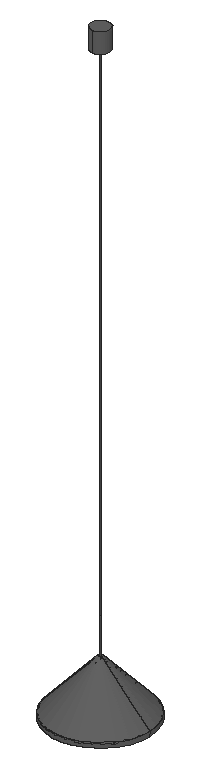
Revit family "Justerbar Lab Pendle_Bole_Triangle", category Lighting Fixtures, Revit 2021
Family settings
  Round Connector Dimension = Use Diameter
  Part Type = Normal
  OmniClass Number = 23.80.70.00
  OmniClass Title = Lighting
  Work Plane-Based = No
  Always vertical = Yes
  Cut with Voids When Loaded = No
  Light Source = Yes
  Shared = No
  Room Calculation Point = No
Parameters
  Wattage = 9.2903 W
  built-in parameter 1150110 = 1 (stored number, unit not read)
  built-in parameter 1114217 = 1 (stored number, unit not read)
  built-in parameter 1150109 = 1 (stored number, unit not read)
  built-in parameter 1150134 = (empty or 0)
  Spredning = "120"
  Pendle Wire = 3360 mm
  Offset from floor [instance] = 1900 mm
  MacAdams = "< 3 SCDM"
  Lyskilde = "LED"
  Lumen = "660lm"
  Levetid = "L70 50.000 timer"
  Level Heigth [instance] = 5000 mm
  Kjøle metode = "Passiv"
  Frekvens Sekundærkilde = "> 1000 Hz"
  Frekvens = "50-60 Hz"
  Floor thickness [instance] = 300 mm
  Fargetemperatur = "2700K, 3000K,eller DW"
  Farger = "Sort"
  Effekt = "6W"
  Driftspenning = "220-240V"
  Distance from floor [instance] = 1463.987 mm
  Dimbar = "Dali eller Triac"
  CRI = ">90"
  Beskyttelsesgrad = "IP20"
  Pendel-lengde [instance] = Level Heigth - Floor thickness - Offset from floor  # 2800 mm
  built-in parameter 1150113 = 1 (stored number, unit not read)
  Lumens = 1380 lm
  built-in parameter 1150115 = 1 (stored number, unit not read)
  built-in parameter 1150105 = 109.82 (stored number, unit not read)
  Light Source Symbol Size = 609.6 mm
  built-in parameter 1150137 = (empty or 0)
  built-in parameter 1150139 = (empty or 0)
  built-in parameter 1150112 = 1 (stored number, unit not read)
  built-in parameter 1150114 = 1 (stored number, unit not read)
  built-in parameter 1150132 = 2
  built-in parameter 1150102 = (empty or 0)
  built-in parameter 1150138 = (empty or 0)
  built-in parameter 1150107 = 3000 (stored number, unit not read)
  built-in parameter 1150106 = 1.0982 (stored number, unit not read)
  built-in parameter 1150104 = 13.8 (stored number, unit not read)
  Dimming Lamp Color Temperature Shift = (empty or 0)
  Default Elevation = 0 mm
  Color Filter = 16777215
  built-in parameter 1114218 = 1 (stored number, unit not read)
  built-in parameter 1150133 = 10 (stored number, unit not read)
Reference planes
  plane 1 "Light Source Axis (F/B)": y = 0
  plane 2: z = 0
  plane 3 "Light Source Axis (L/R)": x = 0
  plane 4 "Light Source Elevation": z = 2019.51
  plane 5 "Tak": z = 4700
  plane 6: z = 4610
  plane 7: z = 4603
  plane 8: z = 0.033
  plane 9: z = 5000
  plane 10: z = 2314.091
  plane 11: z = 2019.51
  plane 12: z = 1900
Forms (mm)
  Extrusion 1, solid, material "Default New Material"
    sketch origin (0, 0, 589.968) x (0, 1, 0) y (-1, 0, 0)
      loop
        circle (0, 0) r 42.5
    from 4020.032 to 4110.032
  Extrusion 2, solid, material "Default New Material"
    sketch origin (0, 0, 589.968) x (0, 1, 0) y (-1, 0, 0)
      loop
        circle (0, 0) r 6
    from 4013.032 to 4020.032
  Extrusion 3, solid, material "Default New Material"
    sketch origin (0, 0, 589.968) x (0, 1, 0) y (-1, 0, 0)
      loop
        circle (0, 0) r 2.031
    from 1724.123 to 4013.032
Dimensions and locks
  Extrusion 1 to Extrusion 1 to Extrusion 2 = 90 mm locked, 7 mm locked
  locked: plane 6 to plane 5 "Tak" at 90
  locked: plane 7 to plane 6 at 7
  "Floor thickness": plane 5 "Tak" to plane 9
  "Level Heigth": level to plane 9
  locked: plane 11 to plane 10 at 294.58
  "Offset from floor": level to plane 12
  locked: plane 12 to plane 11 at 119.51
  aligned and locked: plane 4 "Light Source Elevation" to imposter light
  aligned and locked: level to plane 2
  aligned and locked: plane 5 "Tak" to Extrusion 1
  aligned and locked: Extrusion 1 to plane 6
  aligned and locked: Extrusion 2 to Extrusion 1
  aligned and locked: Extrusion 2 to Extrusion 3
  aligned and locked: plane 7 to Extrusion 3
  aligned and locked: Extrusion 2 to plane 7
  aligned and locked: plane 6 to Extrusion 1
  aligned and locked: Extrusion 3 to plane 10
  aligned and locked: plane 10 to nested 1
  aligned and locked: plane 11 to nested 1
  aligned and locked: plane 4 "Light Source Elevation" to plane 11
  aligned and locked: plane 12 to nested 2
Automatic sketch dimensions
  plane 1 "Light Source Axis (F/B)" to Extrusion 1 sketch curve = 0 mm
  Extrusion 1 sketch curve to plane 3 "Light Source Axis (L/R)" = 0 mm
  plane 1 "Light Source Axis (F/B)" to Extrusion 2 sketch curve = 0 mm
  Extrusion 2 sketch curve to plane 3 "Light Source Axis (L/R)" = 0 mm
  plane 1 "Light Source Axis (F/B)" to Extrusion 3 sketch curve = 0 mm
  Extrusion 3 sketch curve to plane 3 "Light Source Axis (L/R)" = 0 mm
  radius of Extrusion 1 sketch curve = 42.5 mm
  radius of Extrusion 2 sketch curve = 6 mm
  radius of Extrusion 3 sketch curve = 2.031 mm
Nested families
  nested 1: "Bole" at (0, 0, 1975.091), type "Bole"
  nested 2: "Triangle" at (0, 0, 1900), type "Triangle"
Definition of nested family "Bole"
  Parameters
    Wattage = 9.2903 W
    built-in parameter 1150110 = 1 (stored number, unit not read)
    built-in parameter 1114217 = 1 (stored number, unit not read)
    built-in parameter 1150109 = 1 (stored number, unit not read)
    built-in parameter 1150134 = 3
    built-in parameter 1150113 = 1 (stored number, unit not read)
    built-in parameter 1150105 = 109.82 (stored number, unit not read)
    Lumens = 1380 lm
    built-in parameter 1150115 = 1 (stored number, unit not read)
    Light Source Symbol Size = 609.6 mm
    built-in parameter 1150137 = (empty or 0)
    built-in parameter 1150139 = (empty or 0)
    built-in parameter 1150112 = 1 (stored number, unit not read)
    built-in parameter 1150114 = 1 (stored number, unit not read)
    built-in parameter 1150132 = (empty or 0)
    built-in parameter 1150102 = (empty or 0)
    built-in parameter 1150107 = 3200 (stored number, unit not read)
    built-in parameter 1150138 = (empty or 0)
    built-in parameter 1150106 = 1.0982 (stored number, unit not read)
    built-in parameter 1150104 = 13.8 (stored number, unit not read)
    Dimming Lamp Color Temperature Shift = (empty or 0)
    Default Elevation = 0 mm
    Color Filter = 16777215
    built-in parameter 1114218 = 1 (stored number, unit not read)
    built-in parameter 1150133 = 10 (stored number, unit not read)
  Reference planes
    plane 1 "Center (Front/Back)": y = 0
    plane 2: z = 0
    plane 3 "Center (Left/Right)": x = 0
    plane 4: z = 44.42
  Forms (mm)
    Extrusion 1, solid
      sketch origin (0, 0, 589.931) x (0, 1, 0) y (-1, 0, 0)
        loop
          circle (0, 0) r 3.032
      from -427.931 to -250.931
    Extrusion 2, solid
      sketch origin (0, 0, 589.931) x (0, 1, 0) y (-1, 0, 0)
        loop
          circle (0, 0) r 15
      from -434.931 to -427.931
    Revolve 3, solid
      sketch origin (0, 0, -3410.069) x (1, 0, 0) y (0, 0, 1)
        loop
          line (25, 3565.069) -> (21.832, 3565.069) -> (0, 3565.069) -> (0, 3533.751) -> (21.832, 3533.751) -> (21.832, 3499.069) -> (25, 3499.069) -> (25, 3565.069)
        axis (0, 3499.069) -> (0, 3565.069)
      angle from 0 to 360
    Revolve 4, solid
      sketch origin (0, 0, -3410.069) x (1, 0, 0) y (0, 0, 1)
        loop
          line (0, 3533.166) -> (0, 3499) -> (21.729, 3499) -> (21.729, 3533.166) -> (0, 3533.166)
        axis (0, 3499) -> (0, 3533.166)
      angle from 0 to 360
    Revolve 5, solid
      sketch origin (0, 0, -3410.069) x (1, 0, 0) y (0, 0, 1)
        loop
          line (21.729, 3499) -> (19.413, 3499)
          arc (19.413, 3499) -> (45.398, 3447.155) -> (0, 3411.069) r 46.006
          line (0, 3411.069) -> (0, 3410.069)
          arc (0, 3410.069) -> (46.138, 3445.916) -> (21.729, 3499) r 47.007
        axis (0, 3410.069) -> (0, 3499)
      angle from 0 to 360
  Dimensions and locks
    Revolve 5 sketch curve to Revolve 3 = 89 mm
    aligned and locked: level to plane 2
    aligned and locked: Extrusion 1 to Extrusion 2
    aligned and locked: Extrusion 2 to Revolve 3
Definition of nested family "Triangle"
  Parameters
    Default Elevation = 0 mm
  Reference planes
    plane 1 "Center (Front/Back)": y = 0
    plane 2: z = 0
    plane 3 "Center (Left/Right)": x = 0
  Forms (mm)
    Revolve 1, solid
      sketch origin (0, 0, -3334.959) x (1, 0, 0) y (0, 0, 1)
        loop
          line (225, 3334.959) -> (225, 3354.342)
          arc (225, 3354.342) -> (224.724, 3355.121) -> (224.227, 3355.781) r 2.732
          line (224.227, 3355.781) -> (9, 3584.959) -> (3.396, 3584.959) -> (3.396, 3572) -> (15.198, 3572) -> (15.198, 3565) -> (25, 3565) -> (222.451, 3354.757)
          arc (222.451, 3354.757) -> (222.8, 3354.263) -> (223, 3353.692) r 2.184
          line (223, 3353.692) -> (223, 3334.959) -> (225, 3334.959)
        axis (0, 3334.959) -> (0, 3584.959)
      angle from 0 to 360
    Revolve 2, solid
      sketch origin (0, 0, -3334.959) x (1, 0, 0) y (0, 0, 1)
        loop
          line (222.451, 3354.757) -> (25, 3565)
          arc (25, 3565) -> (25.034, 3564.482) -> (25.245, 3564.009) r 1.468
          line (25.245, 3564.009) -> (222.086, 3354.415)
          arc (222.086, 3354.415) -> (222.389, 3354.108) -> (222.5, 3353.692) r 0.839
          line (222.5, 3353.692) -> (222.5, 3337.311)
          arc (222.5, 3337.311) -> (222.597, 3336.102) -> (223, 3334.959) r 4.696
          line (223, 3334.959) -> (223, 3353.692)
          arc (223, 3353.692) -> (222.8, 3354.263) -> (222.451, 3354.757) r 2.184
        axis (0, 3334.959) -> (0, 3565)
      angle from 0 to 360
  Dimensions and locks
    aligned and locked: level to plane 2
